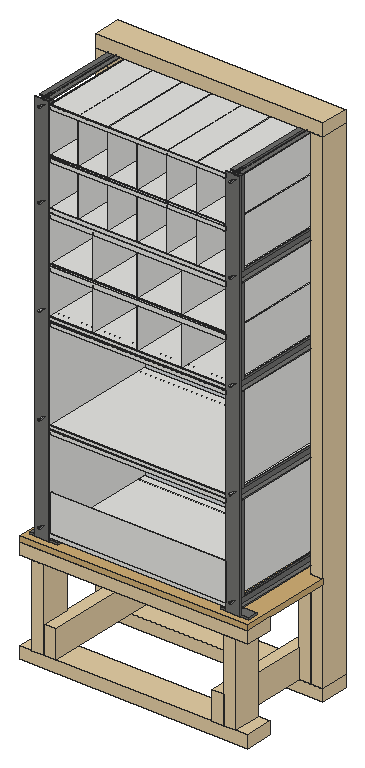
Revit family "Mailboxes_Aluminum-Rack_Ladder_System-Salsbury_Industries-4_Unit_High_Wall_Installation", category Specialty Equipment, host Wall, Revit 2016 (continued)
Definition of nested family "2200_Series_Aluminum_Mailboxes_Rack_Ladder_Units"
  Dimensions and locks (in)
    aligned and locked: plane 9 "Top" to curve 21
    aligned and locked: curve 22 to plane 6 "Front"
    aligned and locked: plane 2 "Bottom" to curve 23
    aligned and locked: curve 25 to plane 4 "Left"
    aligned and locked: plane 5 "Right" to curve 27
    aligned and locked: plane 7 "Back" to curve 24
    aligned and locked: curve 26 to plane 17 "Back Edge of Bottom Trim"
    aligned and locked: plane 5 "Right" to curve 30
    aligned and locked: curve 29 to plane 6 "Front"
    aligned and locked: curve 28 to plane 4 "Left"
    aligned and locked: cut or joined group of Extrusion 3, Extrusion 4, Extrusion 7 to plane 24 "Right Side Trim Alignment-Top and Bottom Trim"
    aligned and locked: plane 27 to cut or joined group of Extrusion 3, Extrusion 4, Extrusion 7
    aligned and locked: plane 30 "Left Side Trim Alignment-Top and Bottom Trim" to Extrusion 5
    aligned and locked: Extrusion 5 to plane 27
    aligned and locked: cut or joined group of Extrusion 2, Extrusion 4, Extrusion 6 to plane 19
    aligned and locked: cut or joined group of Extrusion 2, Extrusion 4, Extrusion 6 to plane 16
    aligned and locked: plane 15 to cut or joined group of Extrusion 2, Extrusion 4, Extrusion 6
    aligned and locked: cut or joined group of Extrusion 2, Extrusion 4, Extrusion 6 to plane 18
    aligned and locked: cut or joined group of Extrusion 1, Extrusion 4, Extrusion 7 to plane 12 "Back Edge of Top Trim"
    aligned and locked: cut or joined group of Extrusion 1, Extrusion 4, Extrusion 7 to plane 22
    aligned and locked: cut or joined group of Extrusion 1, Extrusion 4, Extrusion 7 to plane 11 "Door Align-Back of Door"
    aligned and locked: cut or joined group of Extrusion 1, Extrusion 4, Extrusion 7 to plane 23
    aligned and locked: cut or joined group of Extrusion 1, Extrusion 4, Extrusion 7 to plane 10
    aligned and locked: plane 14 "Back Edge of Side Panels" to curve 46
    aligned and locked: curve 44 to plane 111
    aligned and locked: curve 45 to plane 34
  Automatic sketch dimensions
    plane 6 "Front" to Extrusion 4 sketch curve = 0.000"
    Extrusion 4 sketch curve to plane 24 "Right Side Trim Alignment-Top and Bottom Trim" = 0.000"
    Extrusion 4 sketch curve to plane 5 "Right" = 0.000"
    plane 27 to Extrusion 4 sketch curve = 0.000"
    plane 6 "Front" to Extrusion 6 sketch curve = 0.000"
    Extrusion 6 sketch curve to plane 30 "Left Side Trim Alignment-Top and Bottom Trim" = 0.000"
    Extrusion 6 sketch curve to plane 4 "Left" = 0.000"
    Extrusion 6 sketch curve to plane 27 = 0.000"
    Extrusion 7 sketch curve to plane 6 "Front" = 0.000"
    plane 22 to Extrusion 7 sketch curve = 0.000"
    Extrusion 7 sketch curve to plane 31 "Trop Trim Extrusion Line" = 0.000"
    plane 21 "Top Trim Height" to Extrusion 7 sketch curve = 0.000"
    Extrusion 9 sketch curve to plane 14 "Back Edge of Side Panels" = 0.000"
    Extrusion 9 sketch curve to plane 7 "Back" = 0.000"
    plane 21 "Top Trim Height" to Extrusion 9 sketch curve = 0.000"
    plane 14 "Back Edge of Side Panels" to Extrusion 11 sketch curve = 0.000"
    plane 15 to Extrusion 11 sketch curve = 0.000"
    Extrusion 11 sketch curve to plane 32 "Left Wall of Enclosure" = 0.000"
    Extrusion 11 sketch curve to plane 25 "Inner Right Side of Trim" = 0.000"
    plane 24 "Right Side Trim Alignment-Top and Bottom Trim" to Extrusion 12 sketch curve = 0.000"
    Extrusion 12 sketch curve to plane 55 "Door Align - Row 1" = 0.000"  (x2)
    Extrusion 12 sketch curve to plane 45 "Bottom Compartment Section-Top Plate" = 0.000"  (x2)
    plane 32 "Left Wall of Enclosure" to Extrusion 12 sketch curve = 0.000"
    plane 26 "Right Wall of Enclsosure" to Extrusion 12 sketch curve = 0.000"
    Extrusion 12 sketch curve to plane 93 = 0.0005"
    Extrusion 13 sketch curve to plane 77 = 0.000"
    plane 11 "Door Align-Back of Door" to Extrusion 22 sketch curve = 0.000"
    Extrusion 22 sketch curve to plane 68 = 0.000"
    Extrusion 22 sketch curve to plane 69 = 0.000"
    plane 92 to Extrusion 22 sketch curve = 0.000"
    curve 33 to plane 27 = 0.000"
    plane 27 to curve 30 = 0.000"
    curve 29 to plane 30 "Left Side Trim Alignment-Top and Bottom Trim" = 0.000"
    curve 32 to plane 24 "Right Side Trim Alignment-Top and Bottom Trim" = 0.000"
    curve 40 to plane 11 "Door Align-Back of Door" = 0.000"
    plane 23 to curve 40 = 0.000"
    curve 43 to plane 12 "Back Edge of Top Trim" = 0.000"
    plane 22 to curve 43 = 0.000"
    curve 36 to plane 15 = 0.000"
    curve 36 to plane 18 = 0.000"
    curve 38 to plane 17 "Back Edge of Bottom Trim" = 0.000"
    curve 38 to plane 19 = 0.000"
    curve 37 to plane 16 = 0.000"
    curve 40 to plane 10 = 0.000"
  Nested families (in)
    nested 1: "Rack Ladder None" at (-5.61775, -7.25025, 0.28125), type <- "Door Location D8", visible <- "Visible", type "No Door"
    nested 2: "Rack Ladder None" at (-9.3155, -7.25025, 0.28125), type <- "Door Location D7", visible <- "Visible", type "No Door"
    nested 3: "Rack Ladder None" at (-1.91975, -7.25025, 0.28125), type <- "Door Location D9", visible <- "Visible", type "No Door"
    nested 4: "Rack Ladder None" at (1.77825, -7.25025, 0.28125), type <- "Door Location D10", visible <- "Visible", type "No Door"
    nested 5: "Rack Ladder None" at (5.47625, -7.25025, 0.28125), type <- "Door Location D11", visible <- "Visible", type "No Door"
    nested 6: "Rack Ladder #4 Door-Right Keyed Door" at (5.46875, -7.25025, 0.28125), type <- "Door Location D12", visible <- "Visible", type "#4 Right Keyed Door"
    nested 7: "Rack Ladder None" at (-5.61775, -7.25025, 6.219), type <- "Door Location D2", visible <- "Visible", type "No Door"
    nested 8: "Rack Ladder None" at (-9.3155, -7.25025, 6.219), type <- "Door Location D1", visible <- "Visible", type "No Door"
    nested 9: "Rack Ladder None" at (-1.91975, -7.25025, 6.219), type <- "Door Location D3", visible <- "Visible", type "No Door"
    nested 10: "Rack Ladder None" at (1.77825, -7.25025, 6.219), type <- "Door Location D4", visible <- "Visible", type "No Door"
    nested 11: "Rack Ladder None" at (5.47625, -7.25025, 6.219), type <- "Door Location D5", visible <- "Visible", type "No Door"
    nested 12: "Rack Ladder None" at (9.1765, -7.25025, 6.219), type <- "Door Location D6", visible <- "Visible", type "No Door"
    nested 13: "Rack Ladder None" at (-7.46675, -7.25025, 0.28125), type <- "Door Location D15", type "No Door"
    nested 14: "Rack Ladder None" at (3.628, -7.25025, 0.28125), type <- "Door Location D16", type "No Door"
    nested 15: "Rack Ladder None" at (-7.46675, -7.25025, 6.219), type <- "Door Location D13", type "No Door"
    nested 16: "Rack Ladder None" at (3.628, -7.25025, 6.219), type <- "Door Location D14", type "No Door"
    nested 17: "Rack Ladder #4 Door-Left Blank Door" at (-5.4685, -7.25025, 0.21825), type <- "Door Location D17", type "#4 Door Left Blank Door"
    nested 18: "Rack Ladder Latch Lock" at (5.93775, 7.77746, 0.59116), visible <- "Rear Door", type "Lock Latch"
      with Rear Door no
    nested 19: "Rack Ladder Latch Lock" at (-6.0935, 7.77746, 0.59116), visible <- "Rear Door", type "Lock Latch"
      with Rear Door no
  Definition of nested family "Rack Ladder #4 Door-Right Keyed Door"
    Parameters (values of type "#4 Right Keyed Door")
      Width = 10.938"
      Type Comments = "For Aluminum Mailboxes"
      Model = "#4 Right Keyed Door"
      Manufacturer = "Salsbury Industries"
      Lock Offset - Vertical = 1.563"
      Lock Material = none
      Height = 11.563"
      Front Panel Material = none
      Depth = 0.313"
    Reference planes (in)
      plane 1 "Center (Front/Back)": y = 0
      plane 2 "Bottom of Door": z = 0
      plane 3 "Center (Left/Right)": x = 0
      plane 4 "Left Side of Door": x = -5.469
      plane 5 "Right Side of Door": x = 5.469
      plane 6 "Front of Door": y = -0.1565
      plane 7 "Back of Door": y = 0.1565
      plane 8 "Vertical Center": z = 5.7815
      plane 9 "Top of Door": z = 11.563
      plane 10 "Hinge Line": x = 4.969
      plane 11 "Vertical Lock Center": x = -4.469
      plane 12: z = 10
      plane 13: x = 3.969
      plane 14: x = 3.469
      plane 15: x = 2.469
      plane 16: x = 1.969
      plane 17: x = 0.969
      plane 18: x = 0.5
      plane 19: x = -0.5
      plane 20: x = -1
      plane 21: x = -2
      plane 22: x = -2.5
      plane 23: x = -3.469
      plane 24: x = -3.969
      plane 25: x = -4.969
      plane 26 "Front of Hinge": y = -0.344
      plane 27 "Door Face Inset Guide": y = -0.12525
      plane 28: z = 8.563
    Forms (in)
      Extrusion 1, solid, material <- "Front Panel Material"
        sketch origin (0, 0, 0) x (1, 0, 0) y (0, 1, 0)
          loop
            line (5.469, 0.1565) -> (-5.469, 0.1565) -> (-5.469, -0.1565) -> (4.969, -0.1565)
            arc (4.969, -0.1565) -> (5.219, -0.34407) -> (5.469, -0.1565) r 0.26039
            line (5.469, -0.1565) -> (5.469, 0.1565)
        from 0 to 11.563
      Extrusion 2, void
        sketch origin (0, -0.344, 0) x (1, 0, 0) y (0, 0, 1)
          loop
            line (3.969, 11.563) -> (3.969, 0) -> (4.969, 0) -> (4.969, 11.563) -> (3.969, 11.563)
          loop
            line (2.469, 11.563) -> (2.469, 0) -> (3.469, 0) -> (3.469, 11.563) -> (2.469, 11.563)
          loop
            line (0.969, 11.563) -> (0.969, 0) -> (1.969, 0) -> (1.969, 11.563) -> (0.969, 11.563)
          loop
            line (-0.5, 11.563) -> (-0.5, 0) -> (0.5, 0) -> (0.5, 11.563) -> (-0.5, 11.563)
          loop
            line (-2, 11.563) -> (-2, 0) -> (-1, 0) -> (-1, 11.563) -> (-2, 11.563)
          loop
            line (-3.469, 11.563) -> (-3.469, 0) -> (-2.5, 0) -> (-2.5, 11.563) -> (-3.469, 11.563)
          loop
            line (-4.969, 11.563) -> (-4.969, 0) -> (-3.969, 0) -> (-3.969, 11.563) -> (-4.969, 11.563)
        from 0 to -0.21875
      Extrusion 3, void
        sketch origin (0, 0, 4.25) x (1, 0, 0) y (0, 0, 1)
          loop
            circle (-4.469, 5.7815) r 0.3125
        from 0.12525 to -0.1565
      Extrusion 4, solid, material <- "Lock Material"
        sketch origin (0, 0.1565, 4.25) x (1, 0, 0) y (0, 0, 1)
          loop
            circle (-4.469, 5.7815) r 0.3
        from 0 to 0.28175
      Extrusion 5, void
        sketch origin (0, -0.1565, 4.24982) x (1, 0, 0) y (0, 0, 1)
          loop
            line (-4.5315, 5.82678) -> (-4.5315, 5.48003) -> (-4.4065, 5.48003) -> (-4.4065, 5.82678) -> (-4.5315, 5.82678)
        from -0.1565 to 0
    Cuts and joins
      Extrusion 2, Extrusion 3 cuts Extrusion 1
      Extrusion 5 cuts Extrusion 4
    Lines and regions (in)
      symbolic lines
        curve 1: line (-5.469, -0.1565, 11.563) -> (5.469, -0.1565, 11.563)
        curve 2: line (-5.469, -0.1565, 0) -> (-5.469, -0.1565, 11.563)
        curve 3: line (5.469, -0.1565, 0) -> (-5.469, -0.1565, 0)
        curve 4: line (5.469, -0.1565, 11.563) -> (5.469, -0.1565, 0)
        curve 5: circle (-4.469, -0.1565, 10.0313) r 0.3125 normal (0, -1, 0)
        curve 6: line (4.969, -0.1565, 0) -> (4.969, -0.1565, 11.563)
    Dimensions and locks (in)
      equal spacing: plane 9 "Top of Door", plane 8 "Vertical Center", plane 2 "Bottom of Door"
      equal spacing: plane 4 "Left Side of Door", plane 3 "Center (Left/Right)", plane 5 "Right Side of Door"
      equal spacing: plane 6 "Front of Door", plane 1 "Center (Front/Back)", plane 7 "Back of Door"
      "Height": plane 9 "Top of Door" to plane 2 "Bottom of Door"
      "Width": plane 4 "Left Side of Door" to plane 5 "Right Side of Door"
      "Depth": plane 6 "Front of Door" to plane 7 "Back of Door"
      plane 10 "Hinge Line" to plane 5 "Right Side of Door" = 0.500"
      "Lock Offset - Vertical": plane 9 "Top of Door" to plane 12
      plane 4 "Left Side of Door" to plane 11 "Vertical Lock Center" = 1.000"
      plane 25 to plane 24 to plane 23 to plane 22 to plane 21 to plane 20 to plane 19 to plane 18 to plane 17 to plane 16 to plane 15 to plane 14 to plane 13 to plane 10 "Hinge Line" = 1.000" locked, 0.500" locked, 0.969" locked, 0.500" locked, 1.000" locked, 0.500" locked, 1.000" locked, 0.469" locked, 1.000" locked, 0.500" locked, 1.000" locked, 0.500" locked, 1.000" locked
      plane 26 "Front of Hinge" to plane 6 "Front of Door" = 0.1875"
      plane 6 "Front of Door" to plane 27 "Door Face Inset Guide" = 0.03125"
      plane 9 "Top of Door" to plane 28 = 3.000"
      aligned and locked: level to plane 2 "Bottom of Door"
      aligned and locked: cut or joined group of Extrusion 1, Extrusion 2, Extrusion 3 to plane 2 "Bottom of Door"
      aligned and locked: cut or joined group of Extrusion 1, Extrusion 2, Extrusion 3 to plane 9 "Top of Door"
      aligned and locked: plane 9 "Top of Door" to Extrusion 2 sketch curve  (x7)
      aligned and locked: plane 5 "Right Side of Door" to curve 4
      aligned and locked: plane 2 "Bottom of Door" to curve 3
      aligned and locked: plane 9 "Top of Door" to curve 1
      aligned and locked: curve 2 to plane 4 "Left Side of Door"
      aligned and locked: plane 9 "Top of Door" to curve 6
      aligned and locked: plane 2 "Bottom of Door" to curve 6
      aligned and locked: curve 6 to plane 10 "Hinge Line"
    Automatic sketch dimensions
      Extrusion 1 sketch curve to plane 4 "Left Side of Door" = 0.000"
      plane 6 "Front of Door" to Extrusion 1 sketch curve = 0.000"  (x2)
      Extrusion 1 sketch curve to plane 10 "Hinge Line" = 0.000"
      Extrusion 1 sketch curve to plane 5 "Right Side of Door" = 0.000"
      plane 7 "Back of Door" to Extrusion 1 sketch curve = 0.000"
      Extrusion 1 sketch curve to plane 27 "Door Face Inset Guide" = 0.04158"
      Extrusion 2 sketch curve to level = 0.000"  (x7)
      plane 25 to Extrusion 2 sketch curve = 0.000"
      plane 24 to Extrusion 2 sketch curve = 0.000"
      plane 23 to Extrusion 2 sketch curve = 0.000"
      plane 22 to Extrusion 2 sketch curve = 0.000"
      plane 21 to Extrusion 2 sketch curve = 0.000"
      plane 20 to Extrusion 2 sketch curve = 0.000"
      plane 19 to Extrusion 2 sketch curve = 0.000"
      plane 18 to Extrusion 2 sketch curve = 0.000"
      plane 17 to Extrusion 2 sketch curve = 0.000"
      plane 16 to Extrusion 2 sketch curve = 0.000"
      plane 15 to Extrusion 2 sketch curve = 0.000"
      plane 14 to Extrusion 2 sketch curve = 0.000"
      plane 13 to Extrusion 2 sketch curve = 0.000"
      plane 10 "Hinge Line" to Extrusion 2 sketch curve = 0.000"
      Extrusion 3 sketch curve to plane 8 "Vertical Center" = 4.250"
      plane 11 "Vertical Lock Center" to Extrusion 3 sketch curve = 0.000"
      Extrusion 4 sketch curve to plane 8 "Vertical Center" = 4.250"
      plane 11 "Vertical Lock Center" to Extrusion 4 sketch curve = 0.000"
      plane 11 "Vertical Lock Center" to Extrusion 5 sketch curve = 0.0625"
      Extrusion 5 sketch curve to plane 11 "Vertical Lock Center" = 0.0625"
      Extrusion 5 sketch curve to plane 8 "Vertical Center" = 3.94835"
      Extrusion 5 sketch curve to plane 8 "Vertical Center" = 4.2951"
      plane 11 "Vertical Lock Center" to curve 5 = 0.000"
      curve 5 to plane 12 = 0.0313"
      radius of Extrusion 3 sketch curve = 0.3125"
      radius of Extrusion 4 sketch curve = 0.300"
      radius of curve 5 = 0.3125"
  Definition of nested family "Rack Ladder #4 Door-Left Blank Door"
    Parameters (values of type "#4 Door Left Blank Door")
      Width = 10.938"
      Type Comments = "For Aluminum Mailboxes"
      Model = "#4 Door Left Blank Door"
      Manufacturer = "Salsbury Industries"
      Lock Offset - Vertical = 5.813"
      Lock Material = none
      Height = 11.563"
      Front Panel Material = none
      Depth = 0.313"
    Reference planes (in)
      plane 1 "Center (Front/Back)": y = 0
      plane 2 "Top": z = 11.626
      plane 3 "Center (Left/Right)": x = 0
      plane 4 "Left Side of Door": x = -5.469
      plane 5 "Right Side of Door": x = 5.469
      plane 6 "Front of Door": y = -0.1565
      plane 7 "Back of Door": y = 0.1565
      plane 8 "Vertical Center": z = 5.8445
      plane 9 "Bottom": z = 0.063
      plane 10 "Hinge Line": x = 4.969
      plane 11 "Vertical Lock Center": x = -4.469
      plane 12: z = 5.876
      plane 13: x = 3.969
      plane 14: x = 3.469
      plane 15: x = 2.469
      plane 16: x = 1.969
      plane 17: x = 0.969
      plane 18: x = 0.5
      plane 19: x = -0.5
      plane 20: x = -1
      plane 21: x = -2
      plane 22: x = -2.5
      plane 23: x = -3.469
      plane 24: x = -3.969
      plane 25: x = -4.969
      plane 26 "Front of Hinge": y = -0.344
      plane 27 "Door Face Inset Guide": y = -0.12525
      plane 28: z = 10.626
    Forms (in)
      Extrusion 1, solid, material <- "Front Panel Material"
        sketch origin (0, 0, 0.063) x (1, 0, 0) y (0, 1, 0)
          loop
            line (-5.469, 0.1565) -> (-5.469, -0.1565)
            arc (-5.469, -0.1565) -> (-5.219, -0.34407) -> (-4.969, -0.1565) r 0.26039
            line (-4.969, -0.1565) -> (5.469, -0.1565) -> (5.469, 0.1565) -> (-5.469, 0.1565)
        from 11.563 to 0
      Extrusion 2, void
        sketch origin (0, -0.344, 11.626) x (-1, 0, 0) y (0, 0, -1)
          loop
            line (3.969, 11.563) -> (3.969, 0) -> (4.969, 0) -> (4.969, 11.563) -> (3.969, 11.563)
          loop
            line (2.469, 11.563) -> (2.469, 0) -> (3.469, 0) -> (3.469, 11.563) -> (2.469, 11.563)
          loop
            line (0.969, 11.563) -> (0.969, 0) -> (1.969, 0) -> (1.969, 11.563) -> (0.969, 11.563)
          loop
            line (-0.5, 11.563) -> (-0.5, 0) -> (0.5, 0) -> (0.5, 11.563) -> (-0.5, 11.563)
          loop
            line (-2, 11.563) -> (-2, 0) -> (-1, 0) -> (-1, 11.563) -> (-2, 11.563)
          loop
            line (-3.469, 11.563) -> (-3.469, 0) -> (-2.5, 0) -> (-2.5, 11.563) -> (-3.469, 11.563)
          loop
            line (-4.969, 11.563) -> (-4.969, 0) -> (-3.969, 0) -> (-3.969, 11.563) -> (-4.969, 11.563)
        from 0 to -0.21875
    Cuts and joins
      Extrusion 2 cuts Extrusion 1
    Lines and regions (in)
      symbolic lines
        curve 1: line (-5.469, -0.1565, 11.626) -> (5.469, -0.1565, 11.626)
        curve 2: line (-5.469, -0.1565, 0.063) -> (-5.469, -0.1565, 11.626)
        curve 3: line (5.469, -0.1565, 0.063) -> (-5.469, -0.1565, 0.063)
        curve 4: line (5.469, -0.1565, 11.626) -> (5.469, -0.1565, 0.063)
        curve 5: line (-4.969, -0.1565, 11.626) -> (-4.969, -0.1565, 0.063)
    Dimensions and locks (in)
      equal spacing: plane 2 "Top", plane 8 "Vertical Center", plane 9 "Bottom"
      equal spacing: plane 4 "Left Side of Door", plane 3 "Center (Left/Right)", plane 5 "Right Side of Door"
      equal spacing: plane 6 "Front of Door", plane 1 "Center (Front/Back)", plane 7 "Back of Door"
      "Height": plane 2 "Top" to plane 9 "Bottom"
      "Width": plane 4 "Left Side of Door" to plane 5 "Right Side of Door"
      "Depth": plane 6 "Front of Door" to plane 7 "Back of Door"
      plane 10 "Hinge Line" to plane 5 "Right Side of Door" = 0.500"
      plane 12 to plane 9 "Bottom" = 5.813"
      plane 4 "Left Side of Door" to plane 11 "Vertical Lock Center" = 1.000"
      plane 25 to plane 24 to plane 23 to plane 22 to plane 21 to plane 20 to plane 19 to plane 18 to plane 17 to plane 16 to plane 15 to plane 14 to plane 13 to plane 10 "Hinge Line" = 1.000" locked, 0.500" locked, 0.969" locked, 0.500" locked, 1.000" locked, 0.500" locked, 1.000" locked, 0.469" locked, 1.000" locked, 0.500" locked, 1.000" locked, 0.500" locked, 1.000" locked
      plane 26 "Front of Hinge" to plane 6 "Front of Door" = 0.1875"
      plane 6 "Front of Door" to plane 27 "Door Face Inset Guide" = 0.03125"
      plane 2 "Top" to plane 28 = 1.000"
      aligned and locked: cut or joined group of Extrusion 1, Extrusion 2 to plane 2 "Top"
      aligned and locked: curve 3 to plane 9 "Bottom"
      aligned and locked: curve 1 to plane 2 "Top"
      aligned and locked: plane 5 "Right Side of Door" to curve 4
      aligned and locked: curve 2 to plane 4 "Left Side of Door"
      aligned and locked: plane 2 "Top" to curve 5
      aligned and locked: plane 9 "Bottom" to curve 5
      aligned and locked: plane 25 to curve 5
    Automatic sketch dimensions
      Extrusion 2 sketch curve to plane 2 "Top" = 0.000"  (x7)
      plane 10 "Hinge Line" to Extrusion 2 sketch curve = 0.000"
      plane 13 to Extrusion 2 sketch curve = 0.000"
      plane 14 to Extrusion 2 sketch curve = 0.000"
      plane 18 to Extrusion 2 sketch curve = 0.000"
      plane 19 to Extrusion 2 sketch curve = 0.000"
      plane 23 to Extrusion 2 sketch curve = 0.000"
      plane 24 to Extrusion 2 sketch curve = 0.000"
      plane 25 to Extrusion 2 sketch curve = 0.000"
      Extrusion 2 sketch curve to plane 15 = 0.031"
      Extrusion 2 sketch curve to plane 16 = 0.031"
      Extrusion 2 sketch curve to plane 17 = 0.031"
      Extrusion 2 sketch curve to plane 20 = 0.031"
      Extrusion 2 sketch curve to plane 21 = 0.031"
      Extrusion 2 sketch curve to plane 22 = 0.031"
      Extrusion 2 sketch curve to level = 0.000"  (x7)
      Extrusion 1 sketch curve to plane 4 "Left Side of Door" = 0.000"
      plane 6 "Front of Door" to Extrusion 1 sketch curve = 0.000"  (x2)
      Extrusion 1 sketch curve to plane 25 = 0.000"
      Extrusion 1 sketch curve to plane 5 "Right Side of Door" = 0.000"
      plane 7 "Back of Door" to Extrusion 1 sketch curve = 0.000"
      Extrusion 1 sketch curve to plane 27 "Door Face Inset Guide" = 0.04158"
  Definition of nested family "Rack Ladder None"
    Parameters (values of type "No Door")
      Width = 3.522"
      Visible = no
      Type Comments = "For Aluminum Mailboxes"
      Model = "#1 Door"
      Manufacturer = "Salsbury Industries"
      Lock Offset - Vertical = 1.5625"
      Lock Material = none
      Height = 5.625"
      Front Panel Material = none
      Door Numbers = no
      Door Number [instance] = "1"
      Depth = 0.313"
    Reference planes (in)
      plane 1 "Center (Front/Back)": y = 0
      plane 2 "Bottom of Door": z = 0
      plane 3 "Center (Left/Right)": x = 0
      plane 4 "Left Side of Door": x = -1.761
      plane 5 "Right Side of Door": x = 1.761
      plane 6 "Front of Door": y = -0.1565
      plane 7 "Back of Door": y = 0.1565
      plane 8 "Vertical Center": z = 2.8125
      plane 9 "Top of Door": z = 5.625
      plane 10 "Hinge Line": x = 1.261
      plane 11 "Vertical Lock Center": x = -0.761
      plane 12: z = 1.5625
      plane 13: x = 0.261
      plane 14: x = -0.239
      plane 15: x = -1.239
      plane 16: x = -1.739
      plane 17: x = -2.739
      plane 18: x = -3.208
      plane 19: x = -4.208
      plane 20: x = -4.708
      plane 21: x = -5.708
      plane 22: x = -6.208
      plane 23: x = -7.177
      plane 24: x = -7.677
      plane 25: x = -8.677
      plane 26 "Front of Hinge": y = -0.344
      plane 27 "Door Face Inset Guide": y = -0.12525
      plane 28: z = 4.875
    Forms (in)
      Extrusion 1, solid, material <- "Front Panel Material", visible <- "Visible"
        sketch origin (0, 0, 0) x (1, 0, 0) y (0, 1, 0)
          loop
            line (1.761, 0.1565) -> (-1.761, 0.1565) -> (-1.761, -0.1565) -> (1.261, -0.1565)
            arc (1.261, -0.1565) -> (1.511, -0.34407) -> (1.761, -0.1565) r 0.26039
            line (1.761, -0.1565) -> (1.761, 0.1565)
        from 0 to 5.625
      Extrusion 2, void
        sketch origin (0, -0.344, 0) x (1, 0, 0) y (0, 0, 1)
          loop
            line (0.261, 5.625) -> (0.261, 0) -> (1.261, 0) -> (1.261, 5.625) -> (0.261, 5.625)
          loop
            line (-1.239, 5.625) -> (-1.239, 0) -> (-0.239, 0) -> (-0.239, 5.625) -> (-1.239, 5.625)
          loop
            line (-2.739, 5.625) -> (-2.739, 0) -> (-1.761, 0) -> (-1.761, 5.625) -> (-2.739, 5.625)
          loop
            line (-4.208, 5.625) -> (-4.208, 0) -> (-3.208, 0) -> (-3.208, 5.625) -> (-4.208, 5.625)
          loop
            line (-5.708, 5.625) -> (-5.708, 0) -> (-4.708, 0) -> (-4.708, 5.625) -> (-5.708, 5.625)
          loop
            line (-7.177, 5.625) -> (-7.177, 0) -> (-6.208, 0) -> (-6.208, 5.625) -> (-7.177, 5.625)
          loop
            line (-8.677, 5.625) -> (-8.677, 0) -> (-7.677, 0) -> (-7.677, 5.625) -> (-8.677, 5.625)
        from 0 to -0.21875
      Extrusion 3, void
        sketch origin (0, 0, -1.219) x (1, 0, 0) y (0, 0, 1)
          loop
            circle (-0.761, 2.8125) r 0.3125
        from 0.12525 to -0.1565
      Extrusion 4, solid, material <- "Lock Material", visible <- "Visible"
        sketch origin (0, 0.1565, -1.219) x (1, 0, 0) y (0, 0, 1)
          loop
            circle (-0.761, 2.8125) r 0.3
        from 0 to 0.28175
      Extrusion 5, void
        sketch origin (0, -0.1565, -1.219) x (1, 0, 0) y (0, 0, 1)
          loop
            line (-0.8235, 2.85778) -> (-0.8235, 2.51103) -> (-0.6985, 2.51103) -> (-0.6985, 2.85778) -> (-0.8235, 2.85778)
        from -0.1565 to 0
    Cuts and joins
      Extrusion 2, Extrusion 3 cuts Extrusion 1
      Extrusion 5 cuts Extrusion 4
    Dimensions and locks (in)
      equal spacing: plane 9 "Top of Door", plane 8 "Vertical Center", plane 2 "Bottom of Door"
      equal spacing: plane 4 "Left Side of Door", plane 3 "Center (Left/Right)", plane 5 "Right Side of Door"
      equal spacing: plane 6 "Front of Door", plane 1 "Center (Front/Back)", plane 7 "Back of Door"
      "Height": plane 9 "Top of Door" to plane 2 "Bottom of Door"
      "Width": plane 4 "Left Side of Door" to plane 5 "Right Side of Door"
      "Depth": plane 6 "Front of Door" to plane 7 "Back of Door"
      plane 10 "Hinge Line" to plane 5 "Right Side of Door" = 0.500"
      "Lock Offset - Vertical": plane 12 to plane 2 "Bottom of Door"
      plane 4 "Left Side of Door" to plane 11 "Vertical Lock Center" = 1.000"
      plane 25 to plane 24 to plane 23 to plane 22 to plane 21 to plane 20 to plane 19 to plane 18 to plane 17 to plane 16 to plane 15 to plane 14 to plane 13 to plane 10 "Hinge Line" = 1.000" locked, 0.500" locked, 0.969" locked, 0.500" locked, 1.000" locked, 0.500" locked, 1.000" locked, 0.469" locked, 1.000" locked, 0.500" locked, 1.000" locked, 0.500" locked, 1.000" locked
      plane 26 "Front of Hinge" to plane 6 "Front of Door" = 0.1875"
      plane 6 "Front of Door" to plane 27 "Door Face Inset Guide" = 0.03125"
      plane 9 "Top of Door" to plane 28 = 0.750"
      aligned and locked: level to plane 2 "Bottom of Door"
      aligned and locked: cut or joined group of Extrusion 1, Extrusion 2, Extrusion 3 to plane 2 "Bottom of Door"
      aligned and locked: cut or joined group of Extrusion 1, Extrusion 2, Extrusion 3 to plane 9 "Top of Door"
      aligned and locked: plane 9 "Top of Door" to Extrusion 2 sketch curve  (x7)
    Automatic sketch dimensions
      Extrusion 1 sketch curve to plane 4 "Left Side of Door" = 0.000"
      plane 6 "Front of Door" to Extrusion 1 sketch curve = 0.000"  (x2)
      Extrusion 1 sketch curve to plane 10 "Hinge Line" = 0.000"
      Extrusion 1 sketch curve to plane 5 "Right Side of Door" = 0.000"
      plane 7 "Back of Door" to Extrusion 1 sketch curve = 0.000"
      Extrusion 1 sketch curve to plane 27 "Door Face Inset Guide" = 0.04158"
      Extrusion 2 sketch curve to level = 0.000"  (x7)
      plane 25 to Extrusion 2 sketch curve = 0.000"
      plane 24 to Extrusion 2 sketch curve = 0.000"
      plane 23 to Extrusion 2 sketch curve = 0.000"
      plane 22 to Extrusion 2 sketch curve = 0.000"
      plane 21 to Extrusion 2 sketch curve = 0.000"
      plane 20 to Extrusion 2 sketch curve = 0.000"
      plane 19 to Extrusion 2 sketch curve = 0.000"
      plane 18 to Extrusion 2 sketch curve = 0.000"
      plane 17 to Extrusion 2 sketch curve = 0.000"
      plane 16 to Extrusion 2 sketch curve = 0.022"
      plane 15 to Extrusion 2 sketch curve = 0.000"
      plane 14 to Extrusion 2 sketch curve = 0.000"
      plane 13 to Extrusion 2 sketch curve = 0.000"
      plane 10 "Hinge Line" to Extrusion 2 sketch curve = 0.000"
      plane 8 "Vertical Center" to Extrusion 3 sketch curve = 1.219"
      plane 11 "Vertical Lock Center" to Extrusion 3 sketch curve = 0.000"
      plane 8 "Vertical Center" to Extrusion 4 sketch curve = 1.219"
      plane 11 "Vertical Lock Center" to Extrusion 4 sketch curve = 0.000"
      plane 11 "Vertical Lock Center" to Extrusion 5 sketch curve = 0.0625"
      Extrusion 5 sketch curve to plane 11 "Vertical Lock Center" = 0.0625"
      plane 8 "Vertical Center" to Extrusion 5 sketch curve = 1.52047"
      plane 8 "Vertical Center" to Extrusion 5 sketch curve = 1.17372"
      radius of Extrusion 3 sketch curve = 0.3125"
      radius of Extrusion 4 sketch curve = 0.300"
  Definition of nested family "Rack Ladder Latch Lock"
    Parameters (values of type "Lock Latch")
      Width = 1.866"
      Type Comments = "Lock Latch for Aluminum Mailboxes"
      Rear Door = yes
      Manufacturer = "Salsbury Industries"
      Height = 1.750"
      Depth = 0.244"
      Back Enclosure Material = none
    Reference planes (in)
      plane 1 "Center (Front/Back)": y = 0
      plane 2 "bottom": z = 0
      plane 3 "Center (Left/Right)": x = 0
      plane 4 "right": x = -0.933
      plane 5 "left": x = 0.933
      plane 6 "Front": y = 0.122
      plane 7 "Back": y = -0.122
      plane 8 "Vertical Center": z = 0.875
      plane 9 "top": z = 1.75
      plane 10: z = -0.279
    Forms (in)
      Extrusion 1, solid, material <- "Back Enclosure Material", visible <- "Rear Door"
        sketch origin (0, 0, 0) x (1, 0, 0) y (0, 1, 0)
          loop
            line (-0.2052, -0.0902) -> (-0.933, -0.0902) -> (-0.933, -0.12209) -> (-0.20518, -0.12209)
            arc (-0.20518, -0.12209) -> (-0.12279, -0.08579) -> (-0.09398, -0.00048) r 0.11165
            arc (-0.09398, -0.00048) -> (0.00012, 0.09362) -> (0.09423, -0.00048) r 0.09411
            arc (0.09423, -0.00048) -> (0.12477, -0.08591) -> (0.208, -0.122) r 0.11401
            line (0.208, -0.122) -> (0.933, -0.122) -> (0.933, -0.08954) -> (0.20816, -0.08954)
            arc (0.20816, -0.08954) -> (0.14702, -0.06294) -> (0.1248, -0.00006) r 0.08357
            arc (0.1248, -0.00006) -> (-0.00014, 0.12487) -> (-0.12507, -0.00006) r 0.12494
            arc (-0.12507, -0.00006) -> (-0.1449, -0.06312) -> (-0.2052, -0.0902) r 0.08069
        from 0 to 1.75
      Extrusion 2, void
        sketch origin (0, 0.122, 0) x (1, 0, 0) y (0, 0, 1)
          loop
            line (-0.16686, 1.46934) -> (-0.16686, 0.23804) -> (0.1534, 0.23804) -> (0.1534, 0.43538) -> (0.08495, 0.43538) -> (0.08495, 1.31462) -> (0.1534, 1.31462) -> (0.1534, 1.46934) -> (-0.16686, 1.46934)
        from -0.01091 to 0.1442
      Blend 3, solid, material <- "Back Enclosure Material", visible <- "Rear Door", detail levels fine
        base sketch origin (0, 0.122, 0) x (1, 0, 0) y (0, 0, 1)
          loop
            circle (-0.5582, 1.36599) r 0.1
        top sketch origin (0, 0.122, 0) x (1, 0, 0) y (0, 0, 1)
          loop
            circle (-0.5582, 1.36599) r 0.25
        from 0.16742 to 0.21154
      Blend 4, solid, material <- "Back Enclosure Material", visible <- "Rear Door", detail levels fine
        base sketch origin (1.11828, 0.122, 0) x (1, 0, 0) y (0, 0, 1)
          loop
            circle (-0.5582, 1.36599) r 0.1
        top sketch origin (1.11828, 0.122, 0) x (1, 0, 0) y (0, 0, 1)
          loop
            circle (-0.5582, 1.36599) r 0.25
        from 0.16742 to 0.21154
      Blend 5, solid, material <- "Back Enclosure Material", visible <- "Rear Door", detail levels fine
        base sketch origin (0, 0.122, -1) x (1, 0, 0) y (0, 0, 1)
          loop
            circle (-0.5582, 1.36599) r 0.1
        top sketch origin (0, 0.122, -1) x (1, 0, 0) y (0, 0, 1)
          loop
            circle (-0.5582, 1.36599) r 0.25
        from 0.16742 to 0.21154
      Blend 6, solid, material <- "Back Enclosure Material", visible <- "Rear Door", detail levels fine
        base sketch origin (1.11828, 0.122, -1) x (1, 0, 0) y (0, 0, 1)
          loop
            circle (-0.5582, 1.36599) r 0.1
        top sketch origin (1.11828, 0.122, -1) x (1, 0, 0) y (0, 0, 1)
          loop
            circle (-0.5582, 1.36599) r 0.25
        from 0.16742 to 0.21154
      Extrusion 7, solid, material <- "Back Enclosure Material", visible <- "Rear Door"
        sketch origin (0.00096, -7.77812, -0.40625) x (1, 0, 0) y (0, 1, 0)
          loop
            circle (-0.00048, 7.77784) r 0.09014
        from 0 to 2
      Extrusion 8, solid, material <- "Back Enclosure Material", visible <- "Rear Door"
        sketch origin (0, -7.78798, 0) x (0, 1, 0) y (0, 0, 1)
          loop
            circle (7.81979, 0.30837) r 0.05
        from 0 to 0.5
      Extrusion 9, solid, material <- "Back Enclosure Material", visible <- "Rear Door"
        sketch origin (0.00176, -0.02845, -0.59125) x (1, 0, 0) y (0, 0, 1)
          loop
            line (1.0609, 0.28125) -> (1.0609, 0.31225) -> (-1.06287, 0.31225) -> (-1.06287, 0.28125) -> (1.0609, 0.28125)
        from -0.25 to 0.625
      Extrusion 10, void
        sketch origin (0.00176, -7.77845, -0.31) x (0, -1, 0) y (1, 0, 0)
          loop
            circle (-7.77776, -0.00113) r 0.09325
        from 0 to 0.031
    Cuts and joins
      Extrusion 2 cuts Extrusion 1
      Extrusion 10 cuts Extrusion 9
    Lines and regions (in)
      symbolic lines
        curve 1: line (0.933, 0.122, 1.75) -> (-0.933, 0.122, 1.75)
        curve 2: line (0.933, 0.122, 0) -> (0.933, 0.122, 1.75)
        curve 3: line (-0.933, 0.122, 0) -> (0.933, 0.122, 0)
        curve 4: line (-0.933, 0.122, 1.75) -> (-0.933, 0.122, 0)
        curve 5: line (0.933, 0.122, -0.279) -> (-0.933, 0.122, -0.279)
        curve 6: line (0.08495, 0.122, 1.75) -> (-0.09416, 0.122, 1.75)
        curve 7: line (0.08495, 0.122, -0.40625) -> (0.08495, 0.122, 1.75)
        curve 8: line (-0.09416, 0.122, -0.40625) -> (0.08495, 0.122, -0.40625)
        curve 9: line (-0.09416, 0.122, 1.75) -> (-0.09416, 0.122, -0.40625)
        curve 10: line (0, -0.122, -0.279) -> (0, 0.122, -0.279)
        curve 11: line (0, -0.122, 1.75) -> (0, 0.122, 1.75)
        curve 12: line (0, -0.122, -0.40625) -> (0, -0.122, 1.75)
        curve 13: line (0, 0.122, -0.40625) -> (0, -0.122, -0.40625)
        curve 14: line (0, 0.122, 1.75) -> (0, 0.122, -0.40625)
        curve 15: line (-0.933, -0.122, 0) -> (-0.933, -0.0902, 0)
        curve 16: line (-0.933, -0.0902, 0) -> (0.933, -0.0902, 0)
        curve 17: line (0.933, -0.0902, 0) -> (0.933, -0.122, 0)
    Dimensions and locks (in)
      equal spacing: plane 7 "Back", plane 1 "Center (Front/Back)", plane 6 "Front"
      "Depth": plane 7 "Back" to plane 6 "Front"
      equal spacing: plane 4 "right", plane 3 "Center (Left/Right)", plane 5 "left"
      "Width": plane 4 "right" to plane 5 "left"
      equal spacing: plane 9 "top", plane 8 "Vertical Center", plane 2 "bottom"
      "Height": plane 9 "top" to plane 2 "bottom"
      plane 10 to level = 0.279"
      aligned and locked: level to plane 2 "bottom"
      aligned and locked: curve 4 to plane 4 "right"
      aligned and locked: plane 9 "top" to curve 1
      aligned and locked: plane 5 "left" to curve 2
      aligned and locked: plane 2 "bottom" to curve 3
      aligned and locked: plane 5 "left" to curve 5
      aligned and locked: plane 4 "right" to curve 5
      aligned and locked: plane 10 to curve 5
      aligned and locked: plane 9 "top" to curve 6
      aligned and locked: plane 7 "Back" to curve 10
      aligned and locked: plane 6 "Front" to curve 10
      aligned and locked: curve 12 to plane 7 "Back"
      aligned and locked: plane 6 "Front" to curve 14
      aligned and locked: plane 9 "top" to curve 11
      aligned and locked: cut or joined group of Extrusion 1, Extrusion 2 to plane 5 "left"
      aligned and locked: plane 4 "right" to cut or joined group of Extrusion 1, Extrusion 2
    Automatic sketch dimensions
      Extrusion 1 sketch curve to plane 4 "right" = 0.000"
      plane 7 "Back" to Extrusion 1 sketch curve = 0.000"
      Extrusion 1 sketch curve to plane 5 "left" = 0.000"
      plane 1 "Center (Front/Back)" to Extrusion 1 sketch curve = 0.00951"
      Extrusion 1 sketch curve to plane 3 "Center (Left/Right)" = 0.2052"
      plane 7 "Back" to Extrusion 1 sketch curve = 0.00009"
      Extrusion 1 sketch curve to Extrusion 1 sketch curve = 0.00002"
      Extrusion 1 sketch curve to plane 3 "Center (Left/Right)" = 0.00014"
      plane 3 "Center (Left/Right)" to Extrusion 1 sketch curve = 0.00012"
      plane 3 "Center (Left/Right)" to Extrusion 1 sketch curve = 0.208"
      Extrusion 1 sketch curve to Extrusion 1 sketch curve = 0.00016"
      Extrusion 1 sketch curve to plane 7 "Back" = 0.0318"
      Extrusion 1 sketch curve to plane 7 "Back" = 0.03246"
      Extrusion 1 sketch curve to Extrusion 1 sketch curve = 0.00094"
      plane 1 "Center (Front/Back)" to Extrusion 1 sketch curve = 0.00799"
      Extrusion 1 sketch curve to Extrusion 1 sketch curve = 0.00201"
      Extrusion 2 sketch curve to plane 3 "Center (Left/Right)" = 0.16686"
      plane 3 "Center (Left/Right)" to Extrusion 2 sketch curve = 0.08495"
      Extrusion 2 sketch curve to Extrusion 2 sketch curve = 0.06845"  (x2)
      level to Extrusion 2 sketch curve = 0.23804"
      Extrusion 2 sketch curve to Extrusion 2 sketch curve = 0.19734"
      plane 9 "top" to Extrusion 2 sketch curve = 0.43538"
      plane 9 "top" to Extrusion 2 sketch curve = 0.28066"
      Blend 3 sketch curve to plane 4 "right" = 0.3748"  (x2)
      plane 9 "top" to Blend 3 sketch curve = 0.38401"  (x2)
      plane 5 "left" to Blend 4 sketch curve = 0.37292"  (x2)
      plane 9 "top" to Blend 4 sketch curve = 0.38401"  (x2)
      Blend 5 sketch curve to plane 4 "right" = 0.3748"  (x2)
      level to Blend 5 sketch curve = 0.36599"  (x2)
      plane 5 "left" to Blend 6 sketch curve = 0.37292"  (x2)
      level to Blend 6 sketch curve = 0.36599"  (x2)
      plane 3 "Center (Left/Right)" to Extrusion 7 sketch curve = 0.00048"
      plane 1 "Center (Front/Back)" to Extrusion 7 sketch curve = 0.00028"
      level to Extrusion 8 sketch curve = 0.30837"
      plane 6 "Front" to Extrusion 8 sketch curve = 0.09019"
      plane 4 "right" to Extrusion 9 sketch curve = 0.1281"
      Extrusion 9 sketch curve to plane 5 "left" = 0.12966"
      Extrusion 9 sketch curve to level = 0.310"
      Extrusion 9 sketch curve to Extrusion 9 sketch curve = 0.031"
      plane 1 "Center (Front/Back)" to Extrusion 10 sketch curve = 0.0007"
      plane 3 "Center (Left/Right)" to Extrusion 10 sketch curve = 0.00063"
      curve 6 to plane 3 "Center (Left/Right)" = 0.09416"
      plane 3 "Center (Left/Right)" to curve 6 = 0.08495"
      plane 10 to curve 9 = 0.12725"
      plane 10 to curve 10 = 0.000"
      plane 10 to curve 14 = 0.12725"
      curve 15 to plane 4 "right" = 0.000"
      curve 17 to plane 5 "left" = 0.000"
      curve 16 to plane 7 "Back" = 0.0318"
      plane 7 "Back" to curve 17 = 0.000"
      plane 7 "Back" to curve 15 = 0.000"
      radius of Blend 3 sketch curve = 0.100"
      radius of Blend 3 sketch curve = 0.250"
      radius of Blend 4 sketch curve = 0.100"
      radius of Blend 4 sketch curve = 0.250"
      radius of Blend 5 sketch curve = 0.100"
      radius of Blend 5 sketch curve = 0.250"
      radius of Blend 6 sketch curve = 0.100"
      radius of Blend 6 sketch curve = 0.250"
      radius of Extrusion 7 sketch curve = 0.09014"
      radius of Extrusion 8 sketch curve = 0.050"
      radius of Extrusion 10 sketch curve = 0.09325"
Types (5): name | Starter and Add On Configuration (not applicable) | Starter Configuration (not applicable) | Rough Opening Width | Right RO Offset | Left RO Offset | End Column and Add On Configuration (not applicable) | Description | 2200 Series Mailbox - Location 4 | 2200 Series Mailbox - Location 3 | 2200 Series Mailbox - Location 2 | 2200 Series Mailbox - Location 1
  (no name) | yes | yes | 25.375" | 1.500" | 1.500" | yes | "4 Unit High  Installation - Single Column" | 2200_Series_Aluminum_Mailboxes_Rack_Ladder_Units : 2212 | 2200_Series_Aluminum_Mailboxes_Rack_Ladder_Units : 2208 | 2200_Series_Aluminum_Mailboxes_Rack_Ladder_Units : 2201 | 2200_Series_Aluminum_Mailboxes_Rack_Ladder_Units : 2280
  Starter Column-2200 Series Mailboxes-4 High | no | no | 25.375" | 0.000" | 1.500" | yes | "4 Unit High  Installation - Starter Column" | 2200_Series_Aluminum_Mailboxes_Rack_Ladder_Units : 2204 | 2200_Series_Aluminum_Mailboxes_Rack_Ladder_Units : 2202 | 2200_Series_Aluminum_Mailboxes_Rack_Ladder_Units : 2201 | 2200_Series_Aluminum_Mailboxes_Rack_Ladder_Units : 2280
  Right Side - Add On Column-2200 Series Mailboxes-4 High | no | yes | 23.875" | 0.000" | 0.000" | no | "4 Unit High  Installation - Add On Column" | 2200_Series_Aluminum_Mailboxes_Rack_Ladder_Units : 2202 | 2200_Series_Aluminum_Mailboxes_Rack_Ladder_Units : 2201 | 2200_Series_Aluminum_Mailboxes_Rack_Ladder_Units : 2280 | 2200_Series_Aluminum_Mailboxes_Rack_Ladder_Units : 2282
  Single Column Installation-2200 Series Mailboxes-4 High | yes | yes | 25.375" | 1.500" | 1.500" | yes | "4 Unit High  Installation - Single Column" | 2200_Series_Aluminum_Mailboxes_Rack_Ladder_Units : 2212 | 2200_Series_Aluminum_Mailboxes_Rack_Ladder_Units : 2208 | 2200_Series_Aluminum_Mailboxes_Rack_Ladder_Units : 2201 | 2200_Series_Aluminum_Mailboxes_Rack_Ladder_Units : 2280
  Right Side - End Column-2200 Series Mailboxes-4 High | yes | yes | 23.875" | 1.500" | 0.000" | no | "4 Unit High  Installation - End Column" | 2200_Series_Aluminum_Mailboxes_Rack_Ladder_Units : 2280 | 2200_Series_Aluminum_Mailboxes_Rack_Ladder_Units : 2282 | 2200_Series_Aluminum_Mailboxes_Rack_Ladder_Units : 2270P | 2200_Series_Aluminum_Mailboxes_Rack_Ladder_Units : 2272P
